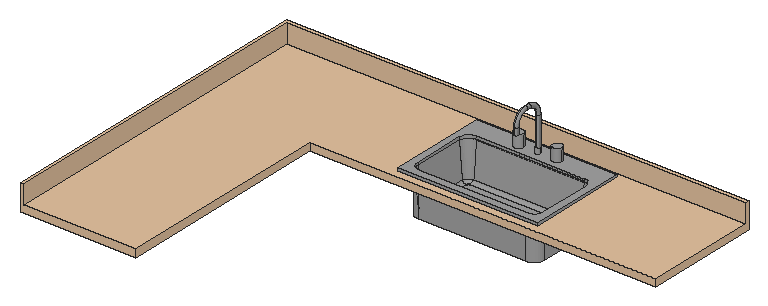
Revit family "Counter Top-L Shaped w Sink (NZ)", category 케이스워크, Revit 2026
Family settings
  작업 기준면 기반 = 아니오
  항상 수직 = 예
  로드될 때 보이드를 사용하여 절단 = 아니오
  공유 = 예
  룸 계산 점 = 아니오
Parameters (values of type "600mm Depth")
  기본 높이 = 0 mm
  Counter Thickness = 40 mm
  Counter Top Material = none
  깊이 = 625 mm
  Height [instance] = 900 mm
  Length - Leg 1 [instance] = 2500 mm
  Length - Leg 2 [instance] = 1800 mm
  Sink Location [instance] = 1100 mm
  Sink Location To Wall [instance] = 160 mm
  Sink Opening Depth [instance] = 380 mm
  Sink Opening Width [instance] = 690 mm
  Assembly Code = ""
Reference planes
  plane 1 "Back": y = 0
  plane 2: z = 0
  plane 3 "Left": x = -1200.462
  plane 4 "Right": x = 1299.538
  plane 5 "Front": y = -625
  plane 6 "Top": z = 900
  plane 7: z = 860
  plane 8: y = -19.05
  plane 9: z = 1001.6
  plane 10: x = -575.462
  plane 11: y = -1800
  plane 12: x = -1181.412
  plane 13: x = -100.462
  plane 14: x = 589.538
  plane 15: y = -160
  plane 16: y = -540
  plane 17: x = -100.462
  plane 18: x = 589.538
  plane 19: x = 244.538
Forms (mm)
  Extrusion 1, solid, material <- "Counter Top Material"
    sketch origin (0, 0, 0) x (1, 0, 0) y (0, 1, 0)
      loop
        line (-1200.462, 0) -> (-1200.462, -1800) -> (-575.462, -1800) -> (-575.462, -625) -> (1299.538, -625) -> (1299.538, 0) -> (-1200.462, 0)
      loop
        arc (-50.462, -160) -> (-85.818, -174.645) -> (-100.462, -210) r 50
        line (-100.462, -210) -> (-100.462, -490)
        arc (-100.462, -490) -> (-85.818, -525.355) -> (-50.462, -540) r 50
        line (-50.462, -540) -> (539.538, -540)
        arc (539.538, -540) -> (574.893, -525.355) -> (589.538, -490) r 50
        line (589.538, -490) -> (589.538, -210)
        arc (589.538, -210) -> (574.893, -174.645) -> (539.538, -160) r 50
        line (539.538, -160) -> (-50.462, -160)
    from 860 to 900
  Extrusion 2, solid, material <- "Counter Top Material"
    sketch origin (0, 0, 0) x (1, 0, 0) y (0, 1, 0)
      loop
        line (1299.538, 0) -> (-1200.462, 0) -> (-1200.462, -19.05) -> (1299.538, -19.05) -> (1299.538, 0)
    from 900 to 1001.6
  Extrusion 3, solid, material <- "Counter Top Material"
    sketch origin (0, 0, 0) x (1, 0, 0) y (0, 1, 0)
      loop
        line (-1200.462, -19.05) -> (-1200.462, -1800) -> (-1181.412, -1800) -> (-1181.412, -19.05) -> (-1200.462, -19.05)
    from 900 to 1001.6
Cuts and joins
  joined: Extrusion 1, Extrusion 2, Extrusion 3
Lines and regions (mm)
  Masking region 1
    outline origin (0, 0, 0) x (1, 0, 0) y (0, 1, 0)
      loop
        line (-1200.462, -1800) -> (-575.462, -1800) -> (-575.462, -625) -> (1299.538, -625) -> (1299.538, 0) -> (-1200.462, 0) -> (-1200.462, -1800)
  symbolic lines, style "Counter Top"
    curve 1: line (-1181.412, -19.05, 0) -> (1299.538, -19.05, 0)
    curve 2: line (-1181.412, -1800, 0) -> (-1181.412, -19.05, 0)
  symbolic lines, style "Sink Opening"
    curve 3: line (-50.462, -160, 0) -> (539.538, -160, 0)
    curve 4: line (589.538, -210, 0) -> (589.538, -490, 0)
    curve 5: line (539.538, -540, 0) -> (-50.462, -540, 0)
    curve 6: line (-100.462, -490, 0) -> (-100.462, -210, 0)
    curve 7: arc (-100.462, -210, 0) -> (-85.818, -174.645, 0) -> (-50.462, -160, 0) r 50
    curve 8: arc (539.538, -160, 0) -> (574.893, -174.645, 0) -> (589.538, -210, 0) r 50
    curve 9: arc (589.538, -490, 0) -> (574.893, -525.355, 0) -> (539.538, -540, 0) r 50
    curve 10: arc (-50.462, -540, 0) -> (-85.818, -525.355, 0) -> (-100.462, -490, 0) r 50
Dimensions and locks
  "깊이": plane 5 "Front" to plane 1 "Back"
  "Length - Leg 1": plane 3 "Left" to plane 4 "Right"
  "Height": level to plane 6 "Top"
  "Counter Thickness": plane 7 to plane 6 "Top"
  locked: plane 8 to plane 1 "Back" at 19.05
  plane 6 "Top" to plane 9 = 101.6 mm
  "깊이": plane 3 "Left" to plane 10
  "Length - Leg 2": plane 11 to plane 1 "Back"
  locked: plane 3 "Left" to plane 12 at 19.05
  "Sink Location": plane 3 "Left" to plane 13
  "Sink Opening Width": plane 13 to plane 14
  "Sink Location To Wall": plane 15 to plane 1 "Back"
  "Sink Opening Depth": plane 16 to plane 15
  "Sink Location": plane 3 "Left" to plane 17
  "Sink Opening Width": plane 17 to plane 18
  equal spacing: plane 17, plane 19, plane 18
  aligned and locked: plane 1 "Back" to Extrusion 1 sketch curve
  aligned and locked: plane 4 "Right" to Extrusion 1 sketch curve
  aligned and locked: Extrusion 1 sketch curve to plane 5 "Front"
  aligned and locked: Extrusion 1 sketch curve to plane 3 "Left"
  aligned and locked: plane 6 "Top" to Extrusion 1
  aligned and locked: Extrusion 1 to plane 7
  aligned and locked: Extrusion 2 sketch curve to plane 1 "Back"
  aligned and locked: plane 8 to Extrusion 2 sketch curve
  aligned and locked: Extrusion 2 sketch curve to plane 4 "Right"
  aligned and locked: plane 3 "Left" to Extrusion 2 sketch curve
  aligned and locked: Extrusion 2 to plane 9
  aligned and locked: Extrusion 2 to plane 6 "Top"
  aligned and locked: plane 10 to Extrusion 1 sketch curve
  aligned and locked: plane 11 to Extrusion 1 sketch curve
  aligned and locked: plane 12 to Extrusion 3 sketch curve
  aligned and locked: Extrusion 3 to plane 8
  aligned and locked: plane 3 "Left" to Extrusion 3
  aligned and locked: Extrusion 3 to plane 9
  aligned and locked: Extrusion 3 to plane 6 "Top"
  aligned and locked: plane 14 to Extrusion 1 sketch curve
  aligned and locked: Extrusion 1 sketch curve to plane 13
  aligned and locked: plane 15 to Extrusion 1 sketch curve
  aligned and locked: Extrusion 1 sketch curve to plane 16
  aligned and locked: curve 3 to Extrusion 1
  aligned and locked: curve 4 to Extrusion 1
  aligned and locked: curve 5 to Extrusion 1
  aligned and locked: curve 6 to Extrusion 1
  aligned and locked: plane 19 to nested 1
  aligned and locked: nested 1 to cut or joined group of Extrusion 1, Extrusion 2, Extrusion 3
  aligned and locked: nested 1 to plane 6 "Top"
Automatic sketch dimensions
  plane 3 "Left" to Extrusion 3 sketch curve = 0 mm
  plane 11 to Extrusion 3 sketch curve = 0 mm
  plane 1 "Back" to Extrusion 3 sketch curve = 19.05 mm
  curve 2 to plane 11 = 0 mm
  curve 2 to plane 8 = 0 mm
  Extrusion 1 sketch curve to plane 13 = 50 mm  (x2)
  Extrusion 1 sketch curve to Extrusion 1 sketch curve = 50 mm
  plane 14 to Extrusion 1 sketch curve = 50 mm
  curve 4 to curve 3 = 50 mm
  curve 5 to curve 3 = 0 mm
  curve 5 to curve 4 = 50 mm
  curve 6 to curve 3 = 50 mm
  curve 1 to plane 4 "Right" = 0 mm
  curve 1 to plane 3 "Left" = 19.05 mm
  Masking region 1 sketch curve to plane 3 "Left" = 0 mm
  Masking region 1 sketch curve to plane 1 "Back" = 0 mm
  Masking region 1 sketch curve to plane 10 = 0 mm
  Masking region 1 sketch curve to plane 4 "Right" = 0 mm
  Masking region 1 sketch curve to plane 11 = 0 mm
  Masking region 1 sketch curve to plane 5 "Front" = 0 mm
Nested families
  nested 1: "Sink Kitchen-Single (NZ)" at (228.848, -315.545, 0), type "760 x 535mm"
Definition of nested family "Sink Kitchen-Single (NZ)"
  Parameters
    Default Elevation = 0 mm
    Counter Height = 900 mm
    Depth = 535 mm
    Fixture Material = none
    Sink Material = none
    Width = 760 mm
  Reference planes
    plane 1 "Center (Front/Back)": y = 2.345
    plane 2: z = 0
    plane 3 "Center (Left/Right)": x = 15.689
    plane 4: y = 269.845
    plane 5: y = -265.155
    plane 6: x = -364.311
    plane 7: x = 395.689
    plane 8 "Top Of Counter": z = 900
    plane 9: z = 912.7
    plane 10: z = 684.1
    plane 11: y = 155.545
    plane 12: x = -326.211
    plane 13: y = -227.055
    plane 14: x = 357.589
    plane 15: x = -85.911
    plane 16: x = 117.289
    plane 17: y = 212.695
    plane 18: y = 212.695
    plane 19: y = 212.695
    plane 20: z = 1163.525
    plane 21: y = 63.47
    plane 22: z = 976.2
    plane 23: z = 938.1
  Forms (mm)
    Extrusion 1, solid, material <- "Sink Material"
      sketch origin (0, 0, 0) x (1, 0, 0) y (0, 1, 0)
        loop
          line (-364.311, 269.845) -> (-364.311, -265.155) -> (395.689, -265.155) -> (395.689, 269.845) -> (-364.311, 269.845)
        loop
          arc (-275.411, 155.545) -> (-311.332, 140.666) -> (-326.211, 104.745) r 50.8
          line (-326.211, 104.745) -> (-326.211, -176.255)
          arc (-326.211, -176.255) -> (-311.332, -212.176) -> (-275.411, -227.055) r 50.8
          line (-275.411, -227.055) -> (306.789, -227.055)
          arc (306.789, -227.055) -> (342.71, -212.176) -> (357.589, -176.255) r 50.8
          line (357.589, -176.255) -> (357.589, 104.745)
          arc (357.589, 104.745) -> (342.71, 140.666) -> (306.789, 155.545) r 50.8
          line (306.789, 155.545) -> (-275.411, 155.545)
      from 900 to 912.7
    Sweep 2, solid, material <- "Sink Material"
      path origin (0, 0, 0) x (1, 0, 0) y (0, 1, 0)
        loop
          arc (-275.411, 155.545) -> (-311.332, 140.666) -> (-326.211, 104.745) r 50.8
          line (-326.211, 104.745) -> (-326.211, -176.255)
          arc (-326.211, -176.255) -> (-311.332, -212.176) -> (-275.411, -227.055) r 50.8
          line (-275.411, -227.055) -> (306.789, -227.055)
          arc (306.789, -227.055) -> (342.71, -212.176) -> (357.589, -176.255) r 50.8
          line (357.589, -176.255) -> (357.589, 104.745)
          arc (357.589, 104.745) -> (342.71, 140.666) -> (306.789, 155.545) r 50.8
          line (306.789, 155.545) -> (-275.411, 155.545)
      profile origin (15.689, 0, 0) x (0, 1, 0) y (0, 0, 1)
        loop
          line (155.545, 900) -> (139.011, 711.015)
          arc (139.011, 711.015) -> (132.904, 698.63) -> (120.034, 693.625) r 19.05
          line (120.034, 693.625) -> (117.445, 693.625) -> (117.445, 684.1) -> (161.895, 684.1) -> (161.895, 900) -> (155.545, 900)
    Extrusion 3, solid, material <- "Sink Material"
      sketch origin (0, 0, 0) x (1, 0, 0) y (0, 1, 0)
        loop
          arc (-275.411, 117.445) -> (-284.391, 113.726) -> (-288.111, 104.745) r 12.7
          line (-288.111, 104.745) -> (-288.111, -176.255)
          arc (-288.111, -176.255) -> (-284.391, -185.235) -> (-275.411, -188.955) r 12.7
          line (-275.411, -188.955) -> (306.789, -188.955)
          arc (306.789, -188.955) -> (315.769, -185.235) -> (319.489, -176.255) r 12.7
          line (319.489, -176.255) -> (319.489, 104.745)
          arc (319.489, 104.745) -> (315.769, 113.726) -> (306.789, 117.445) r 12.7
          line (306.789, 117.445) -> (-275.411, 117.445)
        loop
          circle (15.689, 0) r 25.4
      from 684.1 to 693.625
    Extrusion 4, solid, material <- "Fixture Material"
      sketch origin (0, 0, 0) x (1, 0, 0) y (0, 1, 0)
        loop
          circle (-85.911, 209.617) r 25.4
        loop
          circle (117.289, 214.813) r 25.4
      from 912.7 to 976.2
    Sweep 5, solid, material <- "Fixture Material"
      path origin (15.689, 0, 0) x (0, 1, 0) y (0, 0, 1)
        loop
          line (212.695, 912.7) -> (212.695, 1100.025)
          arc (212.695, 1100.025) -> (194.097, 1144.926) -> (149.195, 1163.525) r 63.5
          line (149.195, 1163.525) -> (126.97, 1163.525)
          arc (126.97, 1163.525) -> (82.069, 1144.926) -> (63.47, 1100.025) r 63.5
          line (63.47, 1100.025) -> (63.47, 1065.1)
      profile origin (15.689, 0, 1006.363) x (0, -1, 0) y (1, 0, 0)
        loop
          circle (-212.695, 0) r 9.525
    Extrusion 6, solid, material <- "Fixture Material"
      sketch origin (0, 0, 0) x (1, 0, 0) y (0, 1, 0)
        loop
          circle (15.689, 212.695) r 12.7
      from 912.7 to 938.1
  Cuts and joins
    joined: Sweep 5, Extrusion 6
    joined: Sweep 2, Extrusion 3
  Lines and regions (mm)
    symbolic lines
      curve 1: line (395.689, 269.845, 0) -> (-364.311, 269.845, 0)
      curve 2: line (395.689, -265.155, 0) -> (395.689, 269.845, 0)
      curve 3: line (-364.311, -265.155, 0) -> (395.689, -265.155, 0)
      curve 4: line (-364.311, 269.845, 0) -> (-364.311, -265.155, 0)
      curve 5: arc (41.089, 0, 0) -> (15.689, 25.4, 0) -> (-9.711, 0, 0) r 25.4
      curve 6: arc (-9.711, 0, 0) -> (15.689, -25.4, 0) -> (41.089, 0, 0) r 25.4
      curve 7: line (-326.211, 104.745, 0) -> (-326.211, -176.255, 0)
      curve 8: line (-275.411, -227.055, 0) -> (306.789, -227.055, 0)
      curve 9: line (357.589, -176.255, 0) -> (357.589, 104.745, 0)
      curve 10: line (306.789, 155.545, 0) -> (28.389, 155.545, 0)
      curve 11: arc (357.589, 104.745, 0) -> (342.71, 140.666, 0) -> (306.789, 155.545, 0) r 50.8
      curve 12: arc (306.789, -227.055, 0) -> (342.71, -212.176, 0) -> (357.589, -176.255, 0) r 50.8
      curve 13: arc (-326.211, -176.255, 0) -> (-311.332, -212.176, 0) -> (-275.411, -227.055, 0) r 50.8
      curve 14: arc (-275.411, 155.545, 0) -> (-311.332, 140.666, 0) -> (-326.211, 104.745, 0) r 50.8
      curve 15: arc (-60.511, 209.617, 0) -> (-85.911, 235.017, 0) -> (-111.311, 209.617, 0) r 25.4
      curve 16: arc (142.689, 214.813, 0) -> (117.289, 240.213, 0) -> (91.889, 214.813, 0) r 25.4
      curve 17: arc (-111.311, 209.617, 0) -> (-85.911, 184.217, 0) -> (-60.511, 209.617, 0) r 25.4
      curve 18: arc (91.889, 214.813, 0) -> (117.289, 189.413, 0) -> (142.689, 214.813, 0) r 25.4
      curve 19: arc (28.389, 212.695, 0) -> (15.689, 225.395, 0) -> (2.989, 212.695, 0) r 12.7
      curve 20: line (2.989, 212.695, 0) -> (2.989, 53.145, 0)
      curve 21: line (28.389, 212.695, 0) -> (28.389, 53.145, 0)
      curve 22: arc (28.389, 53.145, 0) -> (15.689, 40.445, 0) -> (2.989, 53.145, 0) r 12.7
      curve 23: line (2.989, 155.545, 0) -> (-275.411, 155.545, 0)
  Dimensions and locks
    equal spacing: plane 6, plane 3 "Center (Left/Right)", plane 7
    "Width": plane 6 to plane 7
    equal spacing: plane 5, plane 1 "Center (Front/Back)", plane 4
    "Depth": plane 5 to plane 4
    "Counter Height": plane 8 "Top Of Counter" to plane 2
    locked: plane 9 to plane 8 "Top Of Counter" at 12.7
    locked: plane 8 "Top Of Counter" to plane 10 at 215.9
    locked: plane 6 to plane 12 at 38.1
    locked: plane 14 to plane 7 at 38.1
    locked: plane 11 to plane 4 at 114.3
    locked: plane 5 to plane 13 at 38.1
    equal spacing: plane 11, plane 17, plane 4
    equal spacing: plane 11, plane 18, plane 4
    equal spacing: plane 4, plane 19, plane 11
    locked: plane 19 to plane 21 at 149.225
    locked: plane 20 to plane 9 at 250.825
    locked: plane 22 to plane 9 at 63.5
    locked: plane 23 to plane 9 at 25.4
    aligned and locked: Extrusion 1 sketch curve to plane 5
    aligned and locked: plane 7 to Extrusion 1 sketch curve
    aligned and locked: plane 4 to Extrusion 1 sketch curve
    aligned and locked: Extrusion 1 sketch curve to plane 6
    aligned and locked: plane 8 "Top Of Counter" to Extrusion 1
    aligned and locked: Extrusion 1 to plane 9
    aligned and locked: plane 11 to Extrusion 1 sketch curve
    aligned and locked: plane 14 to Extrusion 1 sketch curve
    aligned and locked: Extrusion 1 sketch curve to plane 12
    aligned and locked: Extrusion 1 sketch curve to plane 13
    aligned and locked: plane 11 to Sweep 2 sketch curve
    aligned and locked: plane 14 to Sweep 2 sketch curve
    aligned and locked: Sweep 2 sketch curve to plane 12
    aligned and locked: Sweep 2 sketch curve to plane 13
    aligned and locked: Sweep 2 to Extrusion 3 sketch curve  (x4)
    aligned and locked: Sweep 2 to Extrusion 3
    aligned and locked: plane 10 to Extrusion 3
    aligned and locked: Sweep 2 sketch curve to plane 10
    aligned and locked: plane 8 "Top Of Counter" to Sweep 2 sketch curve
    aligned and locked: Extrusion 4 to Extrusion 1
    aligned and locked: Extrusion 6 to Extrusion 1
    aligned and locked: Sweep 5 sketch curve to plane 19
    aligned and locked: plane 20 to Sweep 5 sketch curve
    aligned and locked: plane 21 to Sweep 5 sketch curve
    aligned and locked: Extrusion 4 to plane 22
    aligned and locked: Extrusion 6 to plane 23
  Automatic sketch dimensions
    Sweep 2 sketch curve to plane 12 = 50.8 mm
    Sweep 2 sketch curve to Sweep 2 sketch curve = 50.8 mm
    plane 11 to Sweep 2 sketch curve = 50.8 mm
    plane 14 to Sweep 2 sketch curve = 50.8 mm
    Extrusion 1 sketch curve to plane 12 = 50.8 mm  (x2)
    plane 14 to Extrusion 1 sketch curve = 50.8 mm  (x2)
    Extrusion 3 sketch curve to plane 3 "Center (Left/Right)" = 0 mm
    Extrusion 3 sketch curve to Extrusion 3 sketch curve = 12.7 mm  (x4)
    plane 1 "Center (Front/Back)" to Extrusion 3 sketch curve = 2.345 mm
    Extrusion 3 sketch curve to plane 3 "Center (Left/Right)" = 25.4 mm
    Sweep 2 sketch curve to profile plane = 0 mm
    profile plane to Sweep 2 sketch curve = 16.534 mm
    Sweep 2 sketch curve to Sweep 2 sketch curve = 18.978 mm
    Sweep 2 sketch curve to Sweep 2 sketch curve = 2.588 mm
    Sweep 2 sketch curve to profile plane = 6.35 mm
    Sweep 2 sketch curve to Sweep 2 sketch curve = 9.525 mm
    Sweep 2 sketch curve to Sweep 2 sketch curve = 17.39 mm
    Extrusion 4 sketch curve to plane 15 = 0 mm
    Extrusion 4 sketch curve to plane 16 = 0 mm
    plane 17 to Extrusion 4 sketch curve = 3.079 mm
    plane 15 to Extrusion 4 sketch curve = 25.4 mm
    Extrusion 4 sketch curve to plane 17 = 2.118 mm
    plane 16 to Extrusion 4 sketch curve = 25.4 mm
    Sweep 5 sketch curve to plane 3 "Center (Left/Right)" = 0 mm
    Sweep 5 sketch curve to profile plane = 0 mm
    profile plane to Sweep 5 sketch curve = 9.525 mm
    Extrusion 6 sketch curve to plane 18 = 0 mm
    Extrusion 6 sketch curve to plane 3 "Center (Left/Right)" = 0 mm
    Extrusion 6 sketch curve to plane 3 "Center (Left/Right)" = 12.7 mm
    Sweep 5 sketch curve to plane 9 = 0 mm
    Sweep 5 sketch curve to Sweep 5 sketch curve = 63.5 mm
    plane 11 to Sweep 5 sketch curve = 6.35 mm
    Sweep 5 sketch curve to Sweep 5 sketch curve = 34.925 mm
    curve 1 to plane 4 = 0 mm
    curve 1 to plane 6 = 0 mm
    curve 7 to plane 12 = 0 mm
    curve 14 to plane 11 = 0 mm
    curve 8 to plane 13 = 0 mm
    curve 5 to plane 3 "Center (Left/Right)" = 0 mm
    curve 19 to plane 3 "Center (Left/Right)" = 0 mm
    curve 12 to plane 14 = 0 mm
    curve 1 to plane 7 = 0 mm
    curve 3 to plane 5 = 0 mm
    curve 7 to curve 13 = 50.8 mm
    curve 14 to plane 12 = 50.8 mm
    curve 15 to plane 3 "Center (Left/Right)" = 127 mm
    curve 15 to curve 17 = 25.4 mm
    plane 1 "Center (Front/Back)" to curve 5 = 2.345 mm
    curve 5 to plane 3 "Center (Left/Right)" = 25.4 mm
    curve 19 to curve 19 = 12.7 mm
    curve 19 to curve 18 = 63.5 mm
    curve 16 to curve 16 = 25.4 mm
    plane 14 to curve 12 = 50.8 mm
    plane 14 to curve 10 = 50.8 mm
    curve 22 to plane 1 "Center (Front/Back)" = 50.8 mm
    plane 4 to curve 17 = 60.229 mm
    plane 4 to curve 21 = 57.15 mm
    plane 4 to curve 16 = 55.032 mm
    curve 10 to plane 11 = 0 mm
